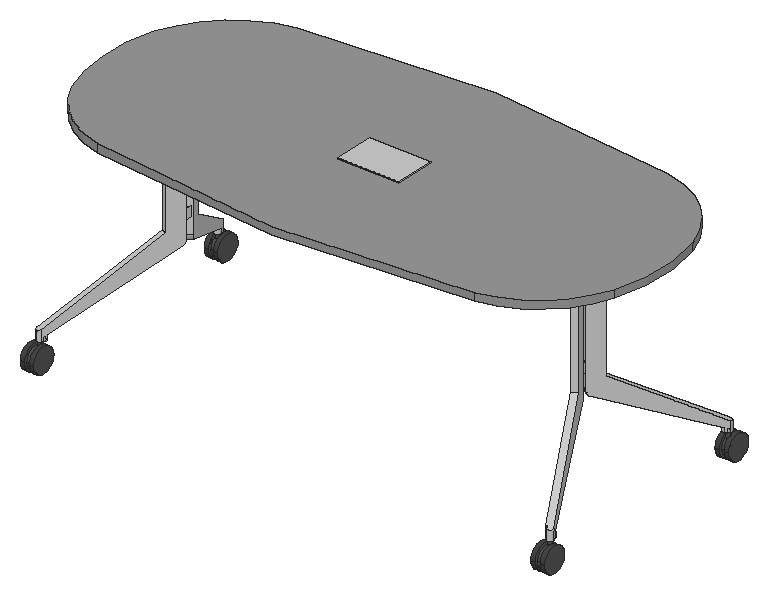
Revit family "Haworth_Planes_CollaborativeTable_Pebble_AP_PRELIMINARY", category Furniture, Revit 2019 (continued)
Definition of nested family "Haworth_Planes_Leg-Y_Large-PART"
  Automatic sketch dimensions
    Revolve 4 sketch curve to level = 0 mm
    level to Revolve 4 sketch curve = 87.313 mm
    level to Revolve 4 sketch curve = 4.763 mm
    Revolve 4 sketch curve to Revolve 4 sketch curve = 11.113 mm
    Revolve 4 sketch curve to Revolve 4 sketch curve = 14.287 mm
    Revolve 4 sketch curve to Revolve 4 sketch curve = 0 mm
    Revolve 4 sketch curve to Revolve 4 sketch curve = 0.22 mm
    Revolve 4 sketch curve to level = 27.207 mm
    plane 9 to Extrusion 5 sketch curve = 0.025 mm
    Extrusion 5 sketch curve to plane 5 "Y Leg Stand" = 37.306 mm
    plane 4 "Top of Leg" to Extrusion 6 sketch curve = 0 mm
    level to Extrusion 6 sketch curve = 115.398 mm
    level to Extrusion 6 sketch curve = 102.607 mm
    Extrusion 6 sketch curve to Extrusion 6 sketch curve = 25.4 mm
    Extrusion 6 sketch curve to Extrusion 6 sketch curve = 328.506 mm
    Extrusion 6 sketch curve to Extrusion 6 sketch curve = 39.011 mm
    level to Extrusion 6 sketch curve = 279.007 mm
    Extrusion 6 sketch curve to Extrusion 6 sketch curve = 7.112 mm
    Extrusion 6 sketch curve to Extrusion 6 sketch curve = 16.637 mm
    Extrusion 6 sketch curve to Extrusion 6 sketch curve = 47.26 mm
    Extrusion 6 sketch curve to Extrusion 6 sketch curve = 16.498 mm
    Extrusion 6 sketch curve to Extrusion 6 sketch curve = 28.575 mm
    Extrusion 7 sketch curve to plane 6 "Left Y Leg" = 17.274 mm
    Extrusion 7 sketch curve to Extrusion 7 sketch curve = 4.451 mm  (x2)
    Extrusion 7 sketch curve to plane 6 "Left Y Leg" = 1.711 mm
    plane 5 "Y Leg Stand" to Extrusion 7 sketch curve = 40.481 mm
    Extrusion 7 sketch curve to Extrusion 7 sketch curve = 13.912 mm
    Revolve 8 sketch curve to level = 0 mm
    level to Revolve 8 sketch curve = 87.312 mm
    level to Revolve 8 sketch curve = 4.762 mm
    Revolve 8 sketch curve to Revolve 8 sketch curve = 11.113 mm
    Revolve 8 sketch curve to Revolve 8 sketch curve = 14.287 mm
    Revolve 8 sketch curve to Revolve 8 sketch curve = 0 mm
    Revolve 8 sketch curve to level = 27.207 mm
    Revolve 8 sketch curve to Revolve 8 sketch curve = 0.22 mm
    Extrusion 9 sketch curve to plane 6 "Left Y Leg" = 1.516 mm
    plane 5 "Y Leg Stand" to Extrusion 9 sketch curve = 37.306 mm
    radius of Extrusion 5 sketch curve = 11.112 mm
    radius of Extrusion 9 sketch curve = 11.112 mm
  Nested families
    nested 1: "Haworth_3in Caster" at (-189.706, -363.396, 0), visible <- "Casters", type "Haworth_3in Caster"
    nested 2: "Haworth_3in Caster" at (-189.706, 360.221, 0), visible <- "Casters", type "Haworth_3in Caster"
  Definition of nested family "Haworth_3in Caster"
    Parameters
      Glides = yes
      Caster Finish = none
      Cart Leg Finish = none
      Assembly Code = ""
    Reference planes
      plane 1 "Center (Front/Back)": y = 0
      plane 2: z = 0
      plane 3 "Center (Left/Right)": x = 0
    Forms (mm)
      Extrusion 1, solid
        sketch origin (0, 0, -0.538) x (0, 1, 0) y (0, 0, 1)
          loop
            circle (-12.369, 40.225) r 39.688
        from 22.225 to 7.938
      Extrusion 2, solid
        sketch origin (0, 0, -0.538) x (0, 1, 0) y (0, 0, 1)
          loop
            circle (-12.369, 40.225) r 39.688
        from -22.225 to -7.938
      Extrusion 3, solid
        sketch origin (0, 0, 0) x (0, 1, 0) y (0, 0, 1)
          loop
            circle (-12.369, 39.687) r 33.338
        from -7.938 to 7.938
      Extrusion 4, solid
        sketch origin (0, 0, 0) x (1, 0, 0) y (0, 1, 0)
          loop
            circle (0, 0) r 6.35
        from 61.913 to 87.313
    Cuts and joins
      joined: Extrusion 3, Extrusion 4
    Dimensions and locks
      plane 3 "Center (Left/Right)" to Extrusion 2 = 7.938 mm
      Extrusion 1 to plane 3 "Center (Left/Right)" = 22.225 mm
Types (7, lengths in mm): name | Width | Small | Screen Width | Large | Glides | Flip Top | Depth | Casters | Actual Width | Actual Depth | 1800w x 900d | 1800w x 750d | 1600w x 900d | 1600w x 750d | 1500w x 900d | 1500w x 750d
  (no name) | 1800 | no | 1300 | yes | no | yes | 900 | yes | 1800 | 900 | yes | no | no | no | no | no
  1500w x 750d | 1500 | yes | 1000 | no | no | no | 750 | yes | 1500 | 750 | no | no | no | no | no | yes
  1500w x 900d | 1500 | no | 1000 | yes | yes | yes | 900 | no | 1500 | 900 | no | no | no | no | yes | no
  1600w x 750d | 1600 | yes | 1100 | no | yes | no | 750 | no | 1600 | 750 | no | no | no | yes | no | no
  1600w x 900d | 1600 | no | 1100 | yes | no | no | 900 | yes | 1600 | 900 | no | no | yes | no | no | no
  1800w x 750d | 1800 | yes | 1300 | no | yes | no | 750 | no | 1800 | 750 | no | yes | no | no | no | no
  1800w x 900d | 1800 | no | 1300 | yes | no | yes | 900 | yes | 1800 | 900 | yes | no | no | no | no | no
